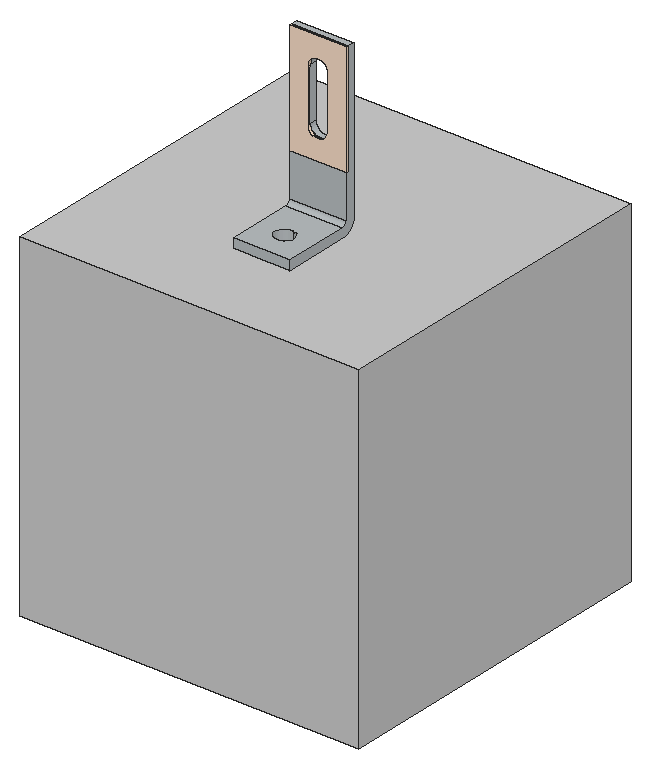
Revit family "REC-PAA150708R", category Structural Connections, host Face, Revit 2024
Family settings
  Host = Face
  Material for Model Behavior = Steel
  Enable Cutting in Views = Yes
  Cut with Voids When Loaded = Yes
  Shared = No
Parameters (values of type "PAA150708R")
  Visible = yes
  URL_Product_(Producto) = ""
  URL_DataSheet_(FichaTecnica) = ""
  URL_CE_Marking_(MarcadoCE) = ""
  Type IFC Predefined Type = "Brackets"
  Type Comments = ""
  URL = "https://recense.com/"
  Model = "PAA150708R"
  Manufacturer = "RECENSE"
  Keynote_ESP = "Anclaje antivuelco para fijación de paneles a estructura de hormigón mediante la interposición de perfiles y/ó tornillos de anclaje expansivo."
  Keynote = "Anti-tilt anchor for fixing panels to concrete structures by means of interposing profiles and/or expansion anchor bolts."
  IFCExportType = Classification.Uniclass.Pr.Description  # "Carbon steel anchor plates"
  IFCExportAs = "IfcElementAssembly"
  Fecha de Creacion: = "01/03/2024"
  Fecha Ultima Revision: = "01/03/2024"
  Export Type to IFC As = "IfcElementAssembly"
  Description_ESP = "Pletina angular antideslizante 150x70x50x8 mm, coliso 17x64 mm en una ala y TØ17 mm en la otra."
  Description = "Non-slip angle plate 150x70x50x8 mm, slotted hole 17x64 mm on one side and hole Ø17 mm on another side."
  Default Elevation = 0.0 mm
  Creado por: = "Deliprogal SL"
  Cost = 0
  Classification.Uniclass.Ss.Number = ""
  Classification.Uniclass.Ss.Description = ""
  Classification.Uniclass.Pr.Number = "Pr_20_29_03_10"
  Classification.Uniclass.Pr.Description = "Carbon steel anchor plates"
  Classification.Uniclass.EF.Number = ""
  Classification.Uniclass.EF.Description = ""
  Classification.Space.Number = ""
  Classification.Space.Description = ""
  Classification.Facility.Number = ""
  Classification.Facility.Description = ""
  Assembly Code = ""
Reference planes
  plane 1 "Center (Front/Back)": y = 0
  plane 2: z = 0
  plane 3 "Center (Left/Right)": x = 0
Forms (mm)
  Extrusion 1, solid, material "REC_Base"
    sketch origin (0, -719.2, 0) x (1, 0, 0) y (0, 1, 0)
      loop
        line (-150, 869.2) -> (-150, 569.2) -> (150, 569.2) -> (150, 869.2) -> (-150, 869.2)
    from 0 to -300
  Extrusion 2, solid, material "REC_Acero, S 275JR (Zincado)"
    sketch origin (-25, 0, 0) x (0, 0, 1) y (0, -1, 0)
      loop
        line (0, 70) -> (0, 12)
        arc (0, 12) -> (3.515, 3.515) -> (12, 0) r 12
        line (12, 0) -> (150, 0) -> (150, 6) -> (50, 6) -> (50, 8) -> (12, 8)
        arc (12, 8) -> (9.172, 9.172) -> (8, 12) r 4
        line (8, 12) -> (8, 70) -> (0, 70)
    from 0 to 50
  Extrusion 3, void
    sketch origin (-25, 0, 75) x (0, 0, -1) y (1, 0, 0)
      loop
        line (-1.5, 33.5) -> (-48.5, 33.5)
        arc (-48.5, 33.5) -> (-57, 25) -> (-48.5, 16.5) r 8.5
        line (-48.5, 16.5) -> (-1.5, 16.5)
        arc (-1.5, 16.5) -> (7, 25) -> (-1.5, 33.5) r 8.5
    from 0 to 8
  Extrusion 4, void
    sketch origin (-25, -35, 0) x (0, -1, 0) y (1, 0, 0)
      loop
        circle (10, 25) r 8.5
    from 0 to 8
  Extrusion 5, void
    sketch origin (-25, -8, 50) x (1, 0, 0) y (0, 0, 1)
      loop
        line (33.5, 26.5) -> (33.5, 73.5)
        arc (33.5, 73.5) -> (25, 82) -> (16.5, 73.5) r 8.5
        line (16.5, 73.5) -> (16.5, 26.5)
        arc (16.5, 26.5) -> (25, 18) -> (33.5, 26.5) r 8.5
    from -8 to 0
  Extrusion 6, solid, material "REC_Denteado"
    sketch origin (0, -6, 0) x (1, 0, 0) y (0, 0, 1)
      loop
        line (-25, 150) -> (-25, 50) -> (25, 50) -> (25, 150) -> (-25, 150)
    from 0 to 2
Cuts and joins
  Extrusion 3, Extrusion 4, Extrusion 5 cuts Extrusion 2
  Extrusion 3 cuts Extrusion 6
Dimensions and locks
  aligned and locked: plane 2 to Extrusion 1
  aligned and locked: level to Extrusion 1
